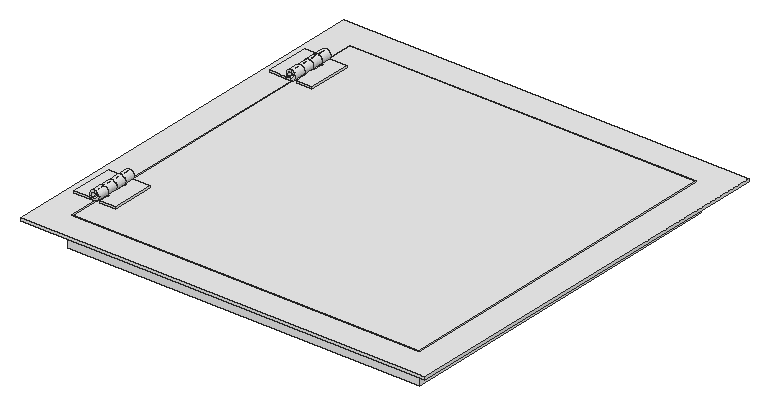
Revit family "Access_Door-High_Security-Cendrex-All_Surface_Types-PHS", category Specialty Equipment, host Face, Revit 2013
Parameters (values of type "24 x 24")
  Width Actual = Door Width Calc + 4"  # 28"
  URL = "http://www.cendrex.com"
  Product Page URL = "http://cendrex.com/index.php/en/security/phs"
  Product Documentation Link = "http://cendrex.com/images/stories/TECH_DATA_SHEET_2014/phs_cendrex_technical_data_sheet.pdf"
  Model = "PHS"  # constant formula
  Material = ""
  Manufacturer = "Cendrex"  # constant formula
  Height Actual = Door Height Calc + 4"  # 28"
  Frame Depth = 1 13/16"  # constant formula
  Finish = Metal - Cendrex - Powder Coated White
  Door Width Calc = if(Door Width < 12", 12", if(Door Width > 36", 36", Door Width))  # 24"
  Door Width = 24"
  Door Swing [instance] = if(Door Open, 90.00°, 0.00°)  # 0.00°
  Door Open [instance] = no
  Door Height Calc = if(Door Height < 12", 12", if(Door Height > 36", 36", Door Height))  # 24"
  Door Height = 24"
  Description = "High security access door for all surface types"  # constant formula
  Default Elevation = 0"
  Cut Out Length [instance] = 3"
  Construction Material = Metal - Cendrex - Aluminum
  Cendrex LEED Ready Program = "http://www.cendrex.com/index.php/en/leed"
  C Cut Out Length [instance] = if(Cut Out Length < Frame Depth, Frame Depth, Cut Out Length)  # 3"
  Available Options = "http://cendrex.com/index.php/en/options"
  Assembly Code = "C1020700"
Types (8): name | Width Actual | Height Actual | Door Width Calc | Door Width | Door Height Calc | Door Height
  Custom | 28" | 28" | 24" | 24" | 24" | 24"
  12 x 12 | 16" | 16" | 12" | 12" | 12" | 12"
  16 x 16 | 20" | 20" | 16" | 16" | 16" | 16"
  18 x 18 | 22" | 22" | 18" | 18" | 18" | 18"
  24 x 24 | 28" | 28" | 24" | 24" | 24" | 24"
  24 x 30 | 28" | 34" | 24" | 24" | 30" | 30"
  24 x 36 | 28" | 40" | 24" | 24" | 36" | 36"
  36 x 36 | 40" | 40" | 36" | 36" | 36" | 36"
Reference planes (in)
  plane 1 "Center (Front/Back)": y = 0
  plane 2: z = 0
  plane 3 "Center (Left/Right)": x = 0.60877
  plane 4: z = -3
  plane 5: x = -11.39123
  plane 6: y = 12
  plane 7: x = 12.60877
  plane 8: y = -12
  plane 9: z = -1.8125
  plane 10: z = 0.51234
  plane 11: x = -11.44222
Forms (in)
  Extrusion 1, void
    sketch origin (0, 0, 0) x (1, 0, 0) y (0, 1, 0)
      loop
        line (-11.39123, 12) -> (-11.39123, -12) -> (12.60877, -12) -> (12.60877, 12) -> (-11.39123, 12)
    from 0 to -3
Lines and regions (in)
  reference lines
    curve 1: line (-11.44222, 0, 0.51234) -> (-11.41037, 0, 0.51234)
    curve 2: line (-11.44222, 0, 0.51234) -> (-11.44222, 0, 0.47908)
Dimensions and locks (in)
  "C Cut Out Length": plane 2 to plane 4
  equal spacing: plane 5, plane 3 "Center (Left/Right)", plane 7
  "Door Width Calc": plane 5 to plane 7
  equal spacing: plane 8, plane 1 "Center (Front/Back)", plane 6
  "Door Height Calc": plane 8 to plane 6
  "Frame Depth": level to plane 9
  locked: plane 10 to level at 0.51234
  locked: plane 5 to plane 11 at 0.05099
  "Door Swing": angle plane 10 to curve 1
  locked: curve 2 to curve 1 (angle 90.00°)
  aligned and locked: plane 2 to host face
  aligned and locked: level to host face
  aligned and locked: Extrusion 1 sketch curve to plane 6
  aligned and locked: plane 7 to Extrusion 1 sketch curve
  aligned and locked: Extrusion 1 sketch curve to plane 8
  aligned and locked: plane 5 to Extrusion 1 sketch curve
  aligned and locked: plane 4 to Extrusion 1
  aligned and locked: plane 3 "Center (Left/Right)" to nested 1
  aligned and locked: plane 1 "Center (Front/Back)" to nested 1
  aligned and locked: nested 2 to curve 1
Automatic sketch dimensions
  host sketch curve to host sketch curve = 96"  (x2)
  curve 2 to plane 10 = 0"
  plane 11 to curve 2 = 0"
Nested families (in)
  nested 1: "1-Frame_Base" at (0.60877, 0, 0), type "1-Frame_Base"
  nested 2: "1-Door_Base" at (0.38886, 0, 0.04684), type "1-Door_Base"
Definition of nested family "1-Frame_Base"
  Parameters (values of type "1-Frame_Base")
    Frame Width = 28"
    Frame Height = 28"
    Finish = Metal - Cendrex - Powder Coated White
    Assembly Code = ""
  Reference planes (in)
    plane 1 "Center (Front/Back)": y = 0
    plane 2: z = 0
    plane 3 "Center (Left/Right)": x = 0
    plane 4: x = -14
    plane 5: x = 14
    plane 6: y = 14
    plane 7: y = -14
    plane 8: x = -10.936
    plane 9: y = 10.936
    plane 10: x = 10.936
    plane 11: y = -10.936
    plane 12: y = 7
    plane 13: y = 7.75
    plane 14: y = 8.5
    plane 15: y = 9.25
    plane 16: y = 10
    plane 17: x = -13.5
    plane 18: x = -12.413
    plane 19: y = 12
    plane 20: x = -12
    plane 21: y = -10
    plane 22: y = -7
    plane 23: y = -7.75
    plane 24: y = -9.25
    plane 25: y = -8.5
    plane 26: y = -12
    plane 27: x = 12
    plane 28: z = -1.813
    plane 29: z = 0.8369
    plane 30: x = -11.72591
  Forms (in)
    Extrusion 1, solid, material "Metal - Cendrex - Powder Coated White" <- "Finish", detail levels fine
      sketch origin (0, 0, 0) x (1, 0, 0) y (0, 1, 0)
        loop
          line (-14, 14) -> (-14, -14) -> (14, -14) -> (14, 14) -> (-14, 14)
        loop
          line (12, 12) -> (-12, 12) -> (-12, -12) -> (12, -12) -> (12, 12)
      from 0 to 0.187
    Extrusion 2, solid, material "Metal - Cendrex - Powder Coated White" <- "Finish", detail levels fine
      sketch origin (0, 0, 0) x (1, 0, 0) y (0, 1, 0)
        loop
          line (-13.5, -7) -> (-13.5, -10) -> (-12.413, -10) -> (-12.413, -7) -> (-13.5, -7)
      from 0.187 to 0.31209
    Extrusion 3, solid, material "Metal - Cendrex - Powder Coated White" <- "Finish", detail levels fine
      sketch origin (0, 0, 0) x (1, 0, 0) y (0, 0, 1)
        loop
          line (-12.413, 0.31209) -> (-12.413, 0.187) -> (-12.0506, 0.187)
          arc (-12.0506, 0.187) -> (-11.90841, 0.80401) -> (-12.30708, 0.31209) r 0.32495
          line (-12.30708, 0.31209) -> (-12.413, 0.31209)
        loop
          arc (-12.05099, 0.31209) -> (-11.97446, 0.6974) -> (-12.19242, 0.37058) r 0.20025
          line (-12.19242, 0.37058) -> (-12.25091, 0.31209) -> (-12.05099, 0.31209)
      from 9.25 to 10
    Extrusion 4, solid, material "Metal - Cendrex - Powder Coated White" <- "Finish", detail levels fine
      sketch origin (0, 0, 0) x (1, 0, 0) y (0, 0, 1)
        loop
          line (-12.413, 0.31209) -> (-12.413, 0.187) -> (-12.0506, 0.187)
          arc (-12.0506, 0.187) -> (-11.90841, 0.80401) -> (-12.30708, 0.31209) r 0.32495
          line (-12.30708, 0.31209) -> (-12.413, 0.31209)
        loop
          arc (-12.05099, 0.31209) -> (-11.97446, 0.6974) -> (-12.19242, 0.37058) r 0.20025
          line (-12.19242, 0.37058) -> (-12.25091, 0.31209) -> (-12.05099, 0.31209)
      from 7.75 to 8.5
    Extrusion 5, solid, material "Metal - Cendrex - Powder Coated White" <- "Finish", detail levels fine
      sketch origin (0, 0, 0) x (1, 0, 0) y (0, 1, 0)
        loop
          line (-13.5, 10) -> (-13.5, 7) -> (-12.413, 7) -> (-12.413, 10) -> (-13.5, 10)
      from 0.187 to 0.31209
    Extrusion 6, solid, material "Metal - Cendrex - Powder Coated White" <- "Finish", detail levels fine
      sketch origin (0, 0, 0) x (1, 0, 0) y (0, 0, 1)
        loop
          line (-12.413, 0.31209) -> (-12.413, 0.187) -> (-12.0506, 0.187)
          arc (-12.0506, 0.187) -> (-11.90841, 0.80401) -> (-12.30708, 0.31209) r 0.32495
          line (-12.30708, 0.31209) -> (-12.413, 0.31209)
        loop
          arc (-12.05099, 0.31209) -> (-11.97446, 0.6974) -> (-12.19242, 0.37058) r 0.20025
          line (-12.19242, 0.37058) -> (-12.25091, 0.31209) -> (-12.05099, 0.31209)
      from -7.75 to -7
    Extrusion 7, solid, material "Metal - Cendrex - Powder Coated White" <- "Finish", detail levels fine
      sketch origin (0, 0, 0) x (1, 0, 0) y (0, 0, 1)
        loop
          line (-12.413, 0.31209) -> (-12.413, 0.187) -> (-12.0506, 0.187)
          arc (-12.0506, 0.187) -> (-11.90841, 0.80401) -> (-12.30708, 0.31209) r 0.32495
          line (-12.30708, 0.31209) -> (-12.413, 0.31209)
        loop
          arc (-12.05099, 0.31209) -> (-11.97446, 0.6974) -> (-12.19242, 0.37058) r 0.20025
          line (-12.19242, 0.37058) -> (-12.25091, 0.31209) -> (-12.05099, 0.31209)
      from -9.25 to -8.5
    Extrusion 8, solid, material "Metal - Cendrex - Powder Coated White" <- "Finish", detail levels fine
      sketch origin (0, 0, 0) x (1, 0, 0) y (0, 0, 1)
        loop
          line (-11.87499, -0.954) -> (-11.87499, -0.08733) -> (-11.00036, -0.08733) -> (-11.00036, 0.04595) -> (-11.86699, 0.04595)
          arc (-11.86699, 0.04595) -> (-11.96104, 0.00699) -> (-12, -0.08707) r 0.13301
          line (-12, -0.08707) -> (-12, -0.954) -> (-11.87499, -0.954)
      from -12 to 10.936
    Extrusion 9, solid, material "Metal - Cendrex - Powder Coated White" <- "Finish", detail levels fine
      sketch origin (0, 0, 0) x (-1, 0, 0) y (0, 0, -1)
        loop
          line (-11.87499, 0.954) -> (-12, 0.954) -> (-12, 0.08707)
          arc (-12, 0.08707) -> (-11.96104, -0.00699) -> (-11.86699, -0.04595) r 0.13301
          line (-11.86699, -0.04595) -> (-11.00036, -0.04595) -> (-11.00036, 0.08733) -> (-11.87499, 0.08733) -> (-11.87499, 0.954)
      from -10.936 to 12
    Extrusion 10, solid, material "Metal - Cendrex - Powder Coated White" <- "Finish", detail levels fine
      sketch origin (-0.21882, 0, 0) x (0, -1, 0) y (0, 0, -1)
        loop
          line (-11.87499, 0.954) -> (-12, 0.954) -> (-12, 0.08707)
          arc (-12, 0.08707) -> (-11.96104, -0.00699) -> (-11.86699, -0.04595) r 0.13301
          line (-11.86699, -0.04595) -> (-11.00036, -0.04595) -> (-11.00036, 0.08733) -> (-11.87499, 0.08733) -> (-11.87499, 0.954)
      from -10.71718 to 12.21882
    Extrusion 11, solid, material "Metal - Cendrex - Powder Coated White" <- "Finish", detail levels fine
      sketch origin (-0.21882, 0, 0) x (0, 1, 0) y (0, 0, 1)
        loop
          line (-11.87499, -0.954) -> (-11.87499, -0.08733) -> (-11.00036, -0.08733) -> (-11.00036, 0.04595) -> (-11.86699, 0.04595)
          arc (-11.86699, 0.04595) -> (-11.96104, 0.00699) -> (-12, -0.08707) r 0.13301
          line (-12, -0.08707) -> (-12, -0.954) -> (-11.87499, -0.954)
      from -11.78118 to 11.15482
    Extrusion 12, solid, material "Metal - Cendrex - Powder Coated White" <- "Finish", detail levels fine
      sketch origin (0, 0, 0) x (1, 0, 0) y (0, 1, 0)
        loop
          line (-12.187, -12.187) -> (12.187, -12.187) -> (12.187, 12.187) -> (-12.187, 12.187) -> (-12.187, -12.187)
        loop
          line (12, 12) -> (-12, 12) -> (-12, -12) -> (12, -12) -> (12, 12)
      from -1.813 to 0
    Extrusion 13, solid, material "Metal - Cendrex - Powder Coated White" <- "Finish", detail levels coarse+medium
      sketch origin (0, 0, 0) x (1, 0, 0) y (0, 1, 0)
        loop
          line (-14, 14) -> (-14, -14) -> (14, -14) -> (14, 14) -> (-14, 14)
      from -1.813 to 0.8369
  Cuts and joins
    joined: Extrusion 1, Extrusion 2, Extrusion 5, Extrusion 8, Extrusion 11, Extrusion 12
  Lines and regions (in)
    Masking region 1, detail levels coarse
      outline origin (0, 0, 0) x (1, 0, 0) y (0, 1, 0)
        loop
          line (14, 14) -> (-14, 14) -> (-14, -14) -> (14, -14) -> (14, 14)
    Masking region 2, detail levels coarse
      outline origin (0, 0, 0) x (1, 0, 0) y (0, 0, 1)
        loop
          line (14, 0.8369) -> (-14, 0.8369) -> (-14, -1.813) -> (14, -1.813) -> (14, 0.8369)
    Masking region 3, detail levels medium+fine
      outline origin (0, 0, 0) x (1, 0, 0) y (0, 0, 1)
        loop
          line (-12.187, -1.813) -> (12.187, -1.813) -> (12.187, 0) -> (14, 0) -> (14, 0.187) -> (-12.05086, 0.187)
          arc (-12.05086, 0.187) -> (-11.90829, 0.80395) -> (-12.30708, 0.31209) r 0.32495
          line (-12.30708, 0.31209) -> (-12.413, 0.31209) -> (-13.5, 0.31209) -> (-13.5, 0.187) -> (-14, 0.187) -> (-14, 0) -> (-12.187, 0) -> (-12.187, -1.813)
    Masking region 4, detail levels coarse
      outline origin (0, 0, 0) x (0, 1, 0) y (0, 0, 1)
        loop
          line (14, 0.8369) -> (-14, 0.8369) -> (-14, -1.813) -> (14, -1.813) -> (14, 0.8369)
    Masking region 5, detail levels medium+fine
      outline origin (0, 0, 0) x (0, 1, 0) y (0, 0, 1)
        loop
          line (-12.187, -1.813) -> (12.187, -1.813) -> (12.187, 0) -> (14, 0) -> (14, 0.187) -> (10, 0.187) -> (10, 0.31209) -> (9.25, 0.31209) -> (9.25, 0.8369) -> (8.5, 0.8369) -> (8.5, 0.31209) -> (7.75, 0.31209) -> (7.75, 0.8369) -> (7, 0.8369) -> (7, 0.187) -> (-7, 0.187) -> (-7, 0.31209) -> (-7.75, 0.31209) -> (-7.75, 0.8369) -> (-8.5, 0.8369) -> (-8.5, 0.31209) -> (-9.25, 0.31209) -> (-9.25, 0.8369) -> (-10, 0.8369) -> (-10, 0.187) -> (-14, 0.187) -> (-14, 0) -> (-12.187, 0) -> (-12.187, -1.813)
    Masking region 6, detail levels medium+fine
      outline origin (0, 0, 0) x (1, 0, 0) y (0, 1, 0)
        loop
          line (14, 14) -> (-14, 14) -> (-14, -14) -> (14, -14) -> (14, 14)
        loop
          line (-12, -7) -> (-12.413, -7) -> (-12.413, -7.75) -> (-11.72591, -7.75) -> (-11.72591, -8.5) -> (-12.413, -8.5) -> (-12.413, -9.25) -> (-11.72591, -9.25) -> (-11.72591, -10) -> (-12, -10) -> (-12, -12) -> (12, -12) -> (12, 12) -> (-12, 12) -> (-12, 10) -> (-12.413, 10) -> (-12.413, 9.25) -> (-11.72591, 9.25) -> (-11.72591, 8.5) -> (-12.413, 8.5) -> (-12.413, 7.75) -> (-11.72591, 7.75) -> (-11.72591, 7) -> (-12, 7) -> (-12, -7)
    symbolic lines, detail levels medium+fine
      curve 1: line (-14, 0, 0) -> (14, 0, 0)
      curve 2: arc (-12.19242, 0, 0.37058) -> (-11.97446, 0, 0.6974) -> (-12.05099, 0, 0.31209) r 0.20025
      curve 3: line (-12.05099, 0, 0.31209) -> (-12.25091, 0, 0.31209)
      curve 4: line (-12.25091, 0, 0.31209) -> (-12.19242, 0, 0.37058)
      curve 5: line (14, 0, 0.187) -> (-14, 0, 0.187)
    symbolic lines, detail levels fine
      curve 6: line (0, -14, 0) -> (0, 14, 0)
      curve 7: line (0, 10, 0.31209) -> (0, 7, 0.31209)
      curve 8: line (0, 14, 0.187) -> (0, -14, 0.187)
      curve 9: line (0, 8.5, 0.37058) -> (0, 9.25, 0.37058)
      curve 10: line (0, 7, 0.37058) -> (0, 7.75, 0.37058)
      curve 11: line (0, -7, 0.31209) -> (0, -10, 0.31209)
      curve 12: line (0, -8.5, 0.37058) -> (0, -7.75, 0.37058)
      curve 13: line (0, -10, 0.37058) -> (0, -9.25, 0.37058)
      curve 24: line (-12.413, -7, 0) -> (-13.5, -7, 0)
      curve 25: line (-13.5, -7, 0) -> (-13.5, -10, 0)
      curve 26: line (-13.5, -10, 0) -> (-11.72591, -10, 0)
      curve 27: line (-11.72591, -10, 0) -> (-11.72591, -9.25, 0)
      curve 28: line (-11.72591, -9.25, 0) -> (-12.413, -9.25, 0)
      curve 29: line (-12.413, -9.25, 0) -> (-12.413, -8.5, 0)
      curve 30: line (-12.413, -8.5, 0) -> (-11.72591, -8.5, 0)
      curve 31: line (-11.72591, -8.5, 0) -> (-11.72591, -7.75, 0)
      curve 32: line (-11.72591, -7.75, 0) -> (-12.413, -7.75, 0)
      curve 33: line (-12.413, -7.75, 0) -> (-12.413, -7, 0)
    symbolic lines
      curve 14: line (-11.72591, 9.25, 0) -> (-12.413, 9.25, 0)
      curve 15: line (-12.413, 9.25, 0) -> (-12.413, 10, 0)
      curve 16: line (-12.413, 10, 0) -> (-13.5, 10, 0)
      curve 17: line (-13.5, 10, 0) -> (-13.5, 7, 0)
      curve 18: line (-13.5, 7, 0) -> (-11.72591, 7, 0)
      curve 19: line (-11.72591, 7, 0) -> (-11.72591, 7.75, 0)
      curve 20: line (-11.72591, 7.75, 0) -> (-12.413, 7.75, 0)
      curve 21: line (-12.413, 7.75, 0) -> (-12.413, 8.5, 0)
      curve 22: line (-12.413, 8.5, 0) -> (-11.72591, 8.5, 0)
      curve 23: line (-11.72591, 8.5, 0) -> (-11.72591, 9.25, 0)
  Dimensions and locks (in)
    equal spacing: plane 4, plane 3 "Center (Left/Right)", plane 5
    equal spacing: plane 6, plane 1 "Center (Front/Back)", plane 7
    "Frame Height": plane 6 to plane 7
    "Frame Width": plane 4 to plane 5
    locked: plane 7 to plane 11 at 3.064
    locked: plane 10 to plane 5 at 3.064
    locked: plane 6 to plane 9 at 3.064
    locked: plane 4 to plane 8 at 3.064
    plane 12 to plane 13 to plane 14 to plane 15 to plane 16 to plane 6 = 3/4" locked, 3/4" locked, 3/4" locked, 3/4" locked, 4" locked
    locked: plane 19 to plane 6 at 2
    locked: plane 4 to plane 20 at 2
    plane 7 to plane 21 to plane 24 to plane 25 to plane 23 to plane 22 = 4" locked, 3/4" locked, 3/4" locked, 3/4" locked, 3/4" locked
    plane 4 to plane 17 to plane 18 = 1/2" locked, 1.087" locked
    locked: plane 26 to plane 7 at 2
    locked: plane 27 to plane 5 at 2
    locked: plane 4 to plane 30 at 2.27409
    aligned and locked: level to plane 2
    aligned and locked: Extrusion 1 sketch curve to plane 6
    aligned and locked: plane 5 to Extrusion 1 sketch curve
    aligned and locked: plane 7 to Extrusion 1 sketch curve
    aligned and locked: plane 4 to Extrusion 1 sketch curve
    aligned and locked: Extrusion 3 to Extrusion 2
    aligned and locked: Extrusion 4 to Extrusion 2
    aligned and locked: Extrusion 6 to cut or joined group of Extrusion 1, Extrusion 2, Extrusion 5, Extrusion 8, Extrusion 11, Extrusion 12
    aligned and locked: Extrusion 7 to cut or joined group of Extrusion 1, Extrusion 2, Extrusion 5, Extrusion 8, Extrusion 11, Extrusion 12
    aligned and locked: cut or joined group of Extrusion 1, Extrusion 2, Extrusion 5, Extrusion 8, Extrusion 11, Extrusion 12 to plane 16
    aligned and locked: plane 17 to cut or joined group of Extrusion 1, Extrusion 2, Extrusion 5, Extrusion 8, Extrusion 11, Extrusion 12  (x2)
    aligned and locked: plane 12 to cut or joined group of Extrusion 1, Extrusion 2, Extrusion 5, Extrusion 8, Extrusion 11, Extrusion 12
    aligned and locked: plane 12 to Extrusion 6
    aligned and locked: Extrusion 6 to plane 13
    aligned and locked: plane 14 to Extrusion 7
    aligned and locked: Extrusion 7 to plane 15
    aligned and locked: cut or joined group of Extrusion 1, Extrusion 2, Extrusion 5, Extrusion 8, Extrusion 11, Extrusion 12 to plane 18
    aligned and locked: cut or joined group of Extrusion 1, Extrusion 2, Extrusion 5, Extrusion 8, Extrusion 11, Extrusion 12 to plane 19
    aligned and locked: plane 11 to cut or joined group of Extrusion 1, Extrusion 2, Extrusion 5, Extrusion 8, Extrusion 11, Extrusion 12
    aligned and locked: cut or joined group of Extrusion 1, Extrusion 2, Extrusion 5, Extrusion 8, Extrusion 11, Extrusion 12 to plane 20
    aligned and locked: cut or joined group of Extrusion 1, Extrusion 2, Extrusion 5, Extrusion 8, Extrusion 11, Extrusion 12 to plane 22
    aligned and locked: plane 21 to cut or joined group of Extrusion 1, Extrusion 2, Extrusion 5, Extrusion 8, Extrusion 11, Extrusion 12
    aligned and locked: plane 21 to Extrusion 3
    aligned and locked: Extrusion 3 to plane 24
    aligned and locked: plane 25 to Extrusion 4
    aligned and locked: Extrusion 4 to plane 23
    aligned and locked: plane 10 to cut or joined group of Extrusion 1, Extrusion 2, Extrusion 5, Extrusion 8, Extrusion 11, Extrusion 12
    aligned and locked: Extrusion 9 to plane 26
    aligned and locked: plane 9 to Extrusion 9
    aligned and locked: Extrusion 10 to plane 27
    aligned and locked: plane 8 to Extrusion 10
    aligned and locked: Extrusion 13 sketch curve to plane 6
    aligned and locked: plane 5 to Extrusion 13 sketch curve
    aligned and locked: plane 7 to Extrusion 13 sketch curve
    aligned and locked: plane 4 to Extrusion 13 sketch curve
    aligned and locked: Extrusion 13 to plane 29
    aligned and locked: plane 28 to Extrusion 13
    aligned and locked: Masking region 1 sketch curve to cut or joined group of Extrusion 1, Extrusion 2, Extrusion 5, Extrusion 8, Extrusion 11, Extrusion 12  (x4)
    aligned and locked: Masking region 2 sketch curve to Extrusion 13  (x4)
    aligned and locked: Masking region 3 sketch curve to cut or joined group of Extrusion 1, Extrusion 2, Extrusion 5, Extrusion 8, Extrusion 11, Extrusion 12  (x9)
    aligned and locked: Masking region 3 sketch curve to Extrusion 3  (x2)
    aligned and locked: curve 1 to cut or joined group of Extrusion 1, Extrusion 2, Extrusion 5, Extrusion 8, Extrusion 11, Extrusion 12
    aligned and locked: curve 2 to Extrusion 3
    aligned and locked: curve 4 to Extrusion 3
    aligned and locked: curve 5 to cut or joined group of Extrusion 1, Extrusion 2, Extrusion 5, Extrusion 8, Extrusion 11, Extrusion 12
    aligned and locked: Masking region 4 sketch curve to Extrusion 13  (x4)
    aligned and locked: Masking region 5 sketch curve to cut or joined group of Extrusion 1, Extrusion 2, Extrusion 5, Extrusion 8, Extrusion 11, Extrusion 12  (x11)
    aligned and locked: Extrusion 7 to Masking region 5 sketch curve
    aligned and locked: Masking region 5 sketch curve to Extrusion 7
    aligned and locked: Extrusion 6 to Masking region 5 sketch curve
    aligned and locked: Masking region 5 sketch curve to Extrusion 6
    aligned and locked: Extrusion 4 to Masking region 5 sketch curve
    aligned and locked: Masking region 5 sketch curve to Extrusion 4
    aligned and locked: Extrusion 3 to Masking region 5 sketch curve
    aligned and locked: Masking region 5 sketch curve to Extrusion 3
    aligned and locked: curve 6 to cut or joined group of Extrusion 1, Extrusion 2, Extrusion 5, Extrusion 8, Extrusion 11, Extrusion 12
    aligned and locked: curve 7 to cut or joined group of Extrusion 1, Extrusion 2, Extrusion 5, Extrusion 8, Extrusion 11, Extrusion 12
    aligned and locked: curve 8 to cut or joined group of Extrusion 1, Extrusion 2, Extrusion 5, Extrusion 8, Extrusion 11, Extrusion 12
    aligned and locked: curve 9 to Extrusion 7
    aligned and locked: curve 10 to Extrusion 6
    aligned and locked: curve 11 to cut or joined group of Extrusion 1, Extrusion 2, Extrusion 5, Extrusion 8, Extrusion 11, Extrusion 12
    aligned and locked: curve 12 to Extrusion 4
    aligned and locked: curve 13 to Extrusion 3
    aligned and locked: Masking region 6 sketch curve to Extrusion 13  (x4)
    aligned and locked: curve 16 to plane 16
    aligned and locked: plane 17 to curve 17
    aligned and locked: plane 12 to curve 18
    aligned and locked: curve 20 to plane 13
    aligned and locked: curve 21 to plane 18
    aligned and locked: plane 14 to curve 22
    aligned and locked: curve 14 to plane 15
    aligned and locked: curve 15 to plane 18
    aligned and locked: curve 23 to plane 30
    aligned and locked: curve 19 to plane 30
    aligned and locked: curve 24 to cut or joined group of Extrusion 1, Extrusion 2, Extrusion 5, Extrusion 8, Extrusion 11, Extrusion 12
    aligned and locked: curve 25 to cut or joined group of Extrusion 1, Extrusion 2, Extrusion 5, Extrusion 8, Extrusion 11, Extrusion 12
    aligned and locked: curve 26 to cut or joined group of Extrusion 1, Extrusion 2, Extrusion 5, Extrusion 8, Extrusion 11, Extrusion 12
    aligned and locked: curve 28 to plane 24
    aligned and locked: curve 29 to plane 18
    aligned and locked: plane 25 to curve 30
    aligned and locked: curve 32 to plane 23
    aligned and locked: curve 33 to plane 18
    aligned and locked: Masking region 6 sketch curve to curve 27
    aligned and locked: Masking region 6 sketch curve to curve 28
    aligned and locked: Masking region 6 sketch curve to curve 29
    aligned and locked: Masking region 6 sketch curve to curve 30
    aligned and locked: Masking region 6 sketch curve to curve 31
    aligned and locked: Masking region 6 sketch curve to curve 32
    aligned and locked: Masking region 6 sketch curve to curve 33
  Automatic sketch dimensions
    plane 4 to Extrusion 1 sketch curve = 2"
    plane 5 to Extrusion 1 sketch curve = 2"  (x2)
    plane 7 to Extrusion 1 sketch curve = 2"
    Extrusion 1 sketch curve to plane 6 = 2"  (x2)
    plane 4 to Extrusion 2 sketch curve = 1/2"
    Extrusion 2 sketch curve to Extrusion 2 sketch curve = 1.087"
    plane 7 to Extrusion 2 sketch curve = 4"
    Extrusion 2 sketch curve to Extrusion 2 sketch curve = 3"
    level to Extrusion 3 sketch curve = 0.31209"
    plane 4 to Extrusion 3 sketch curve = 1.587"
    Extrusion 3 sketch curve to Extrusion 3 sketch curve = 0.10592"
    Extrusion 3 sketch curve to Extrusion 3 sketch curve = 0.05617"
    level to Extrusion 3 sketch curve = 0.37058"
    Extrusion 3 sketch curve to Extrusion 3 sketch curve = 0.05849"
    Extrusion 3 sketch curve to Extrusion 3 sketch curve = 0.14143"
    Extrusion 3 sketch curve to Extrusion 3 sketch curve = 0.00013"
    Extrusion 3 sketch curve to Extrusion 3 sketch curve = 0.00039"
    Extrusion 3 sketch curve to Extrusion 3 sketch curve = 0.12509"
    Extrusion 3 sketch curve to Extrusion 3 sketch curve = 0"
    level to Extrusion 4 sketch curve = 0.31209"
    plane 4 to Extrusion 4 sketch curve = 1.587"
    Extrusion 4 sketch curve to Extrusion 4 sketch curve = 0.10592"
    Extrusion 4 sketch curve to Extrusion 4 sketch curve = 0.05617"
    level to Extrusion 4 sketch curve = 0.37058"
    Extrusion 4 sketch curve to Extrusion 4 sketch curve = 0.05849"
    Extrusion 4 sketch curve to Extrusion 4 sketch curve = 0.14143"
    Extrusion 4 sketch curve to Extrusion 4 sketch curve = 0.00013"
    Extrusion 4 sketch curve to Extrusion 4 sketch curve = 0.00039"
    Extrusion 4 sketch curve to Extrusion 4 sketch curve = 0.12509"
    Extrusion 4 sketch curve to Extrusion 4 sketch curve = 0"
    plane 4 to Extrusion 5 sketch curve = 1/2"
    Extrusion 5 sketch curve to Extrusion 5 sketch curve = 1.087"
    Extrusion 5 sketch curve to plane 1 "Center (Front/Back)" = 7"
    Extrusion 5 sketch curve to Extrusion 5 sketch curve = 3"
    level to Extrusion 6 sketch curve = 0.31209"
    plane 4 to Extrusion 6 sketch curve = 1.587"
    Extrusion 6 sketch curve to Extrusion 6 sketch curve = 0.10592"
    Extrusion 6 sketch curve to Extrusion 6 sketch curve = 0.05617"
    level to Extrusion 6 sketch curve = 0.37058"
    Extrusion 6 sketch curve to Extrusion 6 sketch curve = 0.05849"
    Extrusion 6 sketch curve to Extrusion 6 sketch curve = 0.14143"
    Extrusion 6 sketch curve to Extrusion 6 sketch curve = 0.00013"
    Extrusion 6 sketch curve to Extrusion 6 sketch curve = 0.00039"
    Extrusion 6 sketch curve to Extrusion 6 sketch curve = 0.12509"
    Extrusion 6 sketch curve to Extrusion 6 sketch curve = 0"
    level to Extrusion 7 sketch curve = 0.31209"
    plane 4 to Extrusion 7 sketch curve = 1.587"
    Extrusion 7 sketch curve to Extrusion 7 sketch curve = 0.10592"
    Extrusion 7 sketch curve to Extrusion 7 sketch curve = 0.05617"
    level to Extrusion 7 sketch curve = 0.37058"
    Extrusion 7 sketch curve to Extrusion 7 sketch curve = 0.05849"
    Extrusion 7 sketch curve to Extrusion 7 sketch curve = 0.14143"
    Extrusion 7 sketch curve to Extrusion 7 sketch curve = 0.00013"
    Extrusion 7 sketch curve to Extrusion 7 sketch curve = 0.00039"
    Extrusion 7 sketch curve to Extrusion 7 sketch curve = 0.12509"
    Extrusion 7 sketch curve to Extrusion 7 sketch curve = 0"
    plane 4 to Extrusion 8 sketch curve = 2"
    Extrusion 8 sketch curve to Extrusion 8 sketch curve = 1/8"
    Extrusion 8 sketch curve to Extrusion 8 sketch curve = 0.00801"
    Extrusion 8 sketch curve to level = 0.08733"
    Extrusion 8 sketch curve to Extrusion 8 sketch curve = 0.86663"
    Extrusion 8 sketch curve to Extrusion 8 sketch curve = 0.86667"
    Extrusion 8 sketch curve to Extrusion 8 sketch curve = 0.00026"
    Extrusion 9 sketch curve to plane 5 = 2"
    Extrusion 9 sketch curve to Extrusion 9 sketch curve = 1/8"
    Extrusion 9 sketch curve to Extrusion 9 sketch curve = 0.00801"
    level to Extrusion 9 sketch curve = 0.08733"
    Extrusion 9 sketch curve to Extrusion 9 sketch curve = 0.86663"
    Extrusion 9 sketch curve to Extrusion 9 sketch curve = 0.86667"
    Extrusion 9 sketch curve to Extrusion 9 sketch curve = 0.00026"
    Extrusion 10 sketch curve to plane 6 = 2"
    Extrusion 10 sketch curve to Extrusion 10 sketch curve = 1/8"
    Extrusion 10 sketch curve to Extrusion 10 sketch curve = 0.00801"
    Extrusion 10 sketch curve to level = 0.08733"
    Extrusion 10 sketch curve to Extrusion 10 sketch curve = 0.86663"
    Extrusion 10 sketch curve to Extrusion 10 sketch curve = 0.00026"
    Extrusion 10 sketch curve to Extrusion 10 sketch curve = 0.86694"
    plane 7 to Extrusion 11 sketch curve = 2"
    Extrusion 11 sketch curve to Extrusion 11 sketch curve = 1/8"
    Extrusion 11 sketch curve to Extrusion 11 sketch curve = 0.00801"
    Extrusion 11 sketch curve to level = 0.08733"
    Extrusion 11 sketch curve to Extrusion 11 sketch curve = 0.86663"
    Extrusion 11 sketch curve to Extrusion 11 sketch curve = 0.86667"
    Extrusion 11 sketch curve to Extrusion 11 sketch curve = 0.00026"
    plane 4 to Extrusion 12 sketch curve = 1.813"
    Extrusion 12 sketch curve to Extrusion 12 sketch curve = 0.187"  (x4)
    plane 5 to Extrusion 12 sketch curve = 2"
    plane 7 to Extrusion 12 sketch curve = 1.813"
    Extrusion 12 sketch curve to plane 6 = 2"
    plane 18 to Masking region 3 sketch curve = 0"
    Masking region 3 sketch curve to plane 18 = 0.36214"
    Masking region 3 sketch curve to Masking region 3 sketch curve = 0.187"
    Masking region 3 sketch curve to level = 0"
    curve 1 to plane 4 = 0"
    plane 5 to curve 1 = 0"
    curve 5 to plane 4 = 0"
    plane 5 to curve 5 = 0"
    Masking region 5 sketch curve to level = 0"
    plane 29 to Masking region 5 sketch curve = 0"  (x4)
    level to Masking region 5 sketch curve = 0.187"
    Masking region 5 sketch curve to Masking region 5 sketch curve = 0.12509"
    level to Masking region 5 sketch curve = 0.31209"  (x2)
    curve 6 to plane 7 = 0"
    curve 6 to plane 6 = 0"
    curve 7 to plane 12 = 0"
    curve 7 to plane 16 = 0"
    curve 8 to plane 7 = 0"
    curve 8 to plane 6 = 0"
    curve 9 to plane 14 = 0"
    curve 9 to plane 15 = 0"
    curve 10 to plane 12 = 0"
    curve 10 to plane 13 = 0"
    curve 11 to plane 21 = 0"
    curve 11 to plane 22 = 0"
    curve 12 to plane 25 = 0"
    curve 12 to plane 23 = 0"
    curve 13 to plane 21 = 0"
    curve 13 to plane 24 = 0"
    curve 26 to plane 30 = 0"
    curve 30 to plane 30 = 0"
    plane 16 to curve 16 = 0"
    plane 15 to Masking region 6 sketch curve = 0"
    Masking region 6 sketch curve to plane 18 = 0"  (x2)
    plane 14 to Masking region 6 sketch curve = 0"
    plane 19 to Masking region 6 sketch curve = 0"
    Masking region 6 sketch curve to plane 20 = 0"  (x3)
    plane 12 to Masking region 6 sketch curve = 0"
    Masking region 6 sketch curve to plane 30 = 0"  (x2)
    plane 21 to Masking region 6 sketch curve = 0"
    Masking region 6 sketch curve to plane 26 = 0"
    Masking region 6 sketch curve to plane 27 = 0"
    plane 22 to Masking region 6 sketch curve = 0"
    plane 13 to Masking region 6 sketch curve = 0"
    plane 16 to Masking region 6 sketch curve = 0"
Definition of nested family "1-Door_Base"
  Parameters (values of type "1-Door_Base")
    Finish = Metal - Cendrex - Powder Coated White
    Door Width = 24"
    Door Height = 24"
    Door Depth [instance] = 1.03057"
    Assembly Code = ""
  Reference planes (in)
    plane 1 "Center (Front/Back)": y = 0
    plane 2 "Back": z = 0
    plane 3 "Center (Left/Right)": x = 0.219
    plane 4 "Top": y = 12
    plane 5 "Bottom": y = -12
    plane 6: x = -11.781
    plane 7 "Right": x = 12.219
    plane 8: z = 0.14085
    plane 9: y = 9.99975
    plane 10: y = 6.99975
    plane 11: x = -12.15543
    plane 12: y = 7.74975
    plane 13: y = 8.49975
    plane 14: y = 9.24975
    plane 15: x = -11.469
    plane 16: y = -9.99975
    plane 17: y = -6.99975
    plane 18: y = -7.74975
    plane 19: y = -8.49975
    plane 20: y = -9.24975
    plane 21: x = -10.382
    plane 22 "Left": x = -11.83108
    plane 23: z = 0.4655
    plane 24: z = 0.79016
  Forms (in)
    Extrusion 1, solid, material "Metal - Cendrex - Powder Coated White" <- "Finish", detail levels fine
      sketch origin (0, 0, 0) x (1, 0, 0) y (0, 1, 0)
        loop
          line (-11.781, 12) -> (-11.781, -12) -> (12.219, -12) -> (12.219, 12) -> (-11.781, 12)
      from 0 to 0.14085
    Extrusion 2, solid, material "Metal - Cendrex - Powder Coated White" <- "Finish", detail levels fine
      sketch origin (0, 0, 0) x (1, 0, 0) y (0, 1, 0)
        loop
          line (-10.382, -6.99975) -> (-11.469, -6.99975) -> (-11.469, -9.99975) -> (-10.382, -9.99975) -> (-10.382, -6.99975)
      from 0.14076 to 0.26577
    Extrusion 3, solid, material "Metal - Cendrex - Powder Coated White" <- "Finish", detail levels fine
      sketch origin (0, 0, 0) x (1, 0, 0) y (0, 0, 1)
        loop
          line (-11.469, 0.26577) -> (-11.57483, 0.26577)
          arc (-11.57483, 0.26577) -> (-11.97318, 0.75726) -> (-11.83077, 0.14085) r 0.32466
          line (-11.83077, 0.14085) -> (-11.469, 0.14085) -> (-11.469, 0.26577)
        loop
          line (-11.83108, 0.26577) -> (-11.63101, 0.26577) -> (-11.68958, 0.32434)
          arc (-11.68958, 0.32434) -> (-11.90765, 0.65097) -> (-11.83108, 0.26577) r 0.20021
      from 8.49975 to 9.24975
    Extrusion 4, solid, material "Metal - Cendrex - Powder Coated White" <- "Finish", detail levels fine
      sketch origin (0, 0, 0) x (1, 0, 0) y (0, 0, 1)
        loop
          line (-11.469, 0.26577) -> (-11.57483, 0.26577)
          arc (-11.57483, 0.26577) -> (-11.97318, 0.75726) -> (-11.83077, 0.14085) r 0.32466
          line (-11.83077, 0.14085) -> (-11.469, 0.14085) -> (-11.469, 0.26577)
        loop
          line (-11.83108, 0.26577) -> (-11.63101, 0.26577) -> (-11.68958, 0.32434)
          arc (-11.68958, 0.32434) -> (-11.90765, 0.65097) -> (-11.83108, 0.26577) r 0.20021
      from 6.99975 to 7.74975
    Extrusion 5, solid, material "Metal - Cendrex - Powder Coated White" <- "Finish", detail levels fine
      sketch origin (0, 0, 0) x (1, 0, 0) y (0, 1, 0)
        loop
          line (-10.382, 9.99975) -> (-11.469, 9.99975) -> (-11.469, 6.99975) -> (-10.382, 6.99975) -> (-10.382, 9.99975)
      from 0.14076 to 0.26577
    Extrusion 6, solid, material "Metal - Cendrex - Powder Coated White" <- "Finish", detail levels fine
      sketch origin (0, 0, 0) x (1, 0, 0) y (0, 0, 1)
        loop
          line (-11.469, 0.26577) -> (-11.57483, 0.26577)
          arc (-11.57483, 0.26577) -> (-11.97318, 0.75726) -> (-11.83077, 0.14085) r 0.32466
          line (-11.83077, 0.14085) -> (-11.469, 0.14085) -> (-11.469, 0.26577)
        loop
          line (-11.83108, 0.26577) -> (-11.63101, 0.26577) -> (-11.68958, 0.32434)
          arc (-11.68958, 0.32434) -> (-11.90765, 0.65097) -> (-11.83108, 0.26577) r 0.20021
      from -8.49975 to -7.74975
    Extrusion 7, solid, material "Metal - Cendrex - Powder Coated White" <- "Finish", detail levels fine
      sketch origin (0, 0, 0) x (1, 0, 0) y (0, 0, 1)
        loop
          line (-11.469, 0.26577) -> (-11.57483, 0.26577)
          arc (-11.57483, 0.26577) -> (-11.97318, 0.75726) -> (-11.83077, 0.14085) r 0.32466
          line (-11.83077, 0.14085) -> (-11.469, 0.14085) -> (-11.469, 0.26577)
        loop
          line (-11.83108, 0.26577) -> (-11.63101, 0.26577) -> (-11.68958, 0.32434)
          arc (-11.68958, 0.32434) -> (-11.90765, 0.65097) -> (-11.83108, 0.26577) r 0.20021
      from -9.99975 to -9.24975
  Cuts and joins
    joined: Extrusion 1, Extrusion 2, Extrusion 3, Extrusion 4, Extrusion 5, Extrusion 6, Extrusion 7
  Lines and regions (in)
    Masking region 1, detail levels medium+fine
      outline origin (0, 0, 0) x (1, 0, 0) y (0, 1, 0)
        loop
          line (12.219, 12) -> (-11.781, 12) -> (-11.781, 9.99975) -> (-12.15543, 9.99975) -> (-12.15543, 9.24975) -> (-11.781, 9.24975) -> (-11.781, 8.49975) -> (-12.15543, 8.49975) -> (-12.15543, 7.74975) -> (-11.781, 7.74975) -> (-11.781, -6.99975) -> (-12.15543, -6.99975) -> (-12.15543, -7.74975) -> (-11.781, -7.74975) -> (-11.781, -8.49975) -> (-12.15543, -8.49975) -> (-12.15543, -9.24975) -> (-11.781, -9.24975) -> (-11.781, -12) -> (12.219, -12) -> (12.219, 12)
    Masking region 2, detail levels coarse
      outline origin (0, 0, 0) x (1, 0, 0) y (0, 0, 1)
        loop
          line (-12.15543, 0.79016) -> (-12.15543, 0) -> (12.219, 0) -> (12.219, 0.79016) -> (-12.15543, 0.79016)
    Masking region 3, detail levels medium+fine
      outline origin (0, 0, 0) x (1, 0, 0) y (0, 0, 1)
        loop
          arc (-11.57483, 0.26577) -> (-11.97318, 0.75726) -> (-11.83077, 0.14085) r 0.32466
          line (-11.83077, 0.14085) -> (-11.781, 0.14085) -> (-11.781, 0) -> (12.219, 0) -> (12.219, 0.14085) -> (-10.382, 0.14085) -> (-10.382, 0.26577) -> (-11.57483, 0.26577)
    Masking region 4, detail levels coarse
      outline origin (0.219, 0, 0) x (0, 1, 0) y (0, 0, 1)
        loop
          line (12, 0.79016) -> (-12, 0.79016) -> (-12, 0) -> (12, 0) -> (12, 0.79016)
    Masking region 5, detail levels medium+fine
      outline origin (0.219, 0, 0) x (0, 1, 0) y (0, 0, 1)
        loop
          line (12, 0) -> (12, 0.14085) -> (9.99975, 0.14085) -> (9.99975, 0.79016) -> (9.24975, 0.79016) -> (9.24975, 0.26577) -> (8.49975, 0.26577) -> (8.49975, 0.79016) -> (7.74975, 0.79016) -> (7.74975, 0.26577) -> (6.99975, 0.26577) -> (6.99975, 0.14085) -> (-6.99975, 0.14085) -> (-6.99975, 0.79016) -> (-7.74975, 0.79016) -> (-7.74975, 0.26577) -> (-8.49975, 0.26577) -> (-8.49975, 0.79016) -> (-9.24975, 0.79016) -> (-9.24975, 0.26577) -> (-9.99975, 0.26577) -> (-9.99975, 0.14085) -> (-12, 0.14085) -> (-12, 0) -> (12, 0)
    symbolic lines, detail levels fine
      curve 1: line (-11.57483, 9.24975, 0) -> (-11.57483, 9.99975, 0)
      curve 2: line (-10.382, 9.99975, 0) -> (-12.15543, 9.99975, 0)
      curve 3: line (-10.382, 6.99975, 0) -> (-10.382, 9.99975, 0)
      curve 4: line (-11.469, 6.99975, 0) -> (-10.382, 6.99975, 0)
      curve 5: line (-11.469, 7.74975, 0) -> (-11.469, 6.99975, 0)
      curve 6: line (-12.15543, 7.74975, 0) -> (-11.469, 7.74975, 0)
      curve 7: line (-11.57483, 7.74975, 0) -> (-11.57483, 8.49975, 0)
      curve 8: line (-11.469, 8.49975, 0) -> (-12.15543, 8.49975, 0)
      curve 9: line (-11.469, 9.24975, 0) -> (-11.469, 8.49975, 0)
      curve 10: line (-12.15543, 9.24975, 0) -> (-11.469, 9.24975, 0)
      curve 11: line (-10.382, -9.99975, 0) -> (-10.382, -6.99975, 0)
      curve 12: line (-10.382, -6.99975, 0) -> (-12.15543, -6.99975, 0)
      curve 13: line (-11.469, -9.99975, 0) -> (-10.382, -9.99975, 0)
      curve 14: line (-11.469, -7.74975, 0) -> (-11.469, -8.49975, 0)
      curve 15: line (-12.15543, -9.24975, 0) -> (-11.469, -9.24975, 0)
      curve 16: line (-11.469, -8.49975, 0) -> (-12.15543, -8.49975, 0)
      curve 17: line (-12.15543, -7.74975, 0) -> (-11.469, -7.74975, 0)
      curve 18: line (-11.57483, -7.74975, 0) -> (-11.57483, -6.99975, 0)
      curve 19: line (-11.57483, -9.24975, 0) -> (-11.57483, -8.49975, 0)
      curve 20: line (-11.469, -9.24975, 0) -> (-11.469, -9.99975, 0)
      curve 21: arc (-11.83108, 0, 0.26577) -> (-11.90765, 0, 0.65097) -> (-11.68958, 0, 0.32434) r 0.20021
      curve 22: line (-11.63101, 0, 0.26577) -> (-11.83108, 0, 0.26577)
      curve 23: line (-11.68958, 0, 0.32434) -> (-11.63101, 0, 0.26577)
      curve 24: line (12.219, 0, 0.14085) -> (-11.781, 0, 0.14085)
      curve 25: line (0.219, 12, 0.14085) -> (0.219, -12, 0.14085)
      curve 26: line (-11.83108, 9.24975, 0.14085) -> (-11.83108, 9.24975, 0.79016)
      curve 27: line (-11.83108, 8.49975, 0.79016) -> (-11.83108, 8.49975, 0.14085)
      curve 28: line (-11.83108, 7.74975, 0.14085) -> (-11.83108, 7.74975, 0.79016)
      curve 29: line (12.219, 9.99975, 0.26577) -> (12.219, 6.99975, 0.26577)
      curve 30: line (12.219, -6.99975, 0.26577) -> (12.219, -9.99975, 0.26577)
      curve 31: line (-11.83108, -7.74975, 0.14085) -> (-11.83108, -7.74975, 0.79016)
      curve 32: line (-11.83108, -8.49975, 0.79016) -> (-11.83108, -8.49975, 0.14085)
      curve 33: line (-11.83108, -9.24975, 0.14085) -> (-11.83108, -9.24975, 0.79016)
  Dimensions and locks (in)
    equal spacing: plane 4 "Top", plane 1 "Center (Front/Back)", plane 5 "Bottom"
    "Door Height": plane 4 "Top" to plane 5 "Bottom"
    equal spacing: plane 6, plane 3 "Center (Left/Right)", plane 7 "Right"
    "Door Width": plane 6 to plane 7 "Right"
    plane 10 to plane 12 to plane 13 to plane 14 to plane 9 to plane 4 "Top" = 3/4" locked, 3/4" locked, 3/4" locked, 3/4" locked, 2.00025" locked
    plane 11 to plane 6 to plane 15 to plane 21 = 0.37443" locked, 0.312" locked, 1.087" locked
    plane 17 to plane 18 to plane 19 to plane 20 to plane 16 to plane 5 "Bottom" = 3/4" locked, 3/4" locked, 3/4" locked, 3/4" locked, 2.00025" locked
    aligned and locked: level to plane 2 "Back"
    aligned and locked: plane 4 "Top" to Extrusion 1 sketch curve
    aligned and locked: Extrusion 1 sketch curve to plane 7 "Right"
    aligned and locked: plane 5 "Bottom" to Extrusion 1 sketch curve
    aligned and locked: Extrusion 1 sketch curve to plane 6
    aligned and locked: plane 8 to Extrusion 1
    aligned and locked: plane 9 to cut or joined group of Extrusion 1, Extrusion 2, Extrusion 3, Extrusion 4, Extrusion 5, Extrusion 6, Extrusion 7  (x2)
    aligned and locked: cut or joined group of Extrusion 1, Extrusion 2, Extrusion 3, Extrusion 4, Extrusion 5, Extrusion 6, Extrusion 7 to plane 9  (x2)
    aligned and locked: plane 10 to cut or joined group of Extrusion 1, Extrusion 2, Extrusion 3, Extrusion 4, Extrusion 5, Extrusion 6, Extrusion 7
    aligned and locked: plane 12 to cut or joined group of Extrusion 1, Extrusion 2, Extrusion 3, Extrusion 4, Extrusion 5, Extrusion 6, Extrusion 7
    aligned and locked: cut or joined group of Extrusion 1, Extrusion 2, Extrusion 3, Extrusion 4, Extrusion 5, Extrusion 6, Extrusion 7 to plane 13
    aligned and locked: plane 14 to cut or joined group of Extrusion 1, Extrusion 2, Extrusion 3, Extrusion 4, Extrusion 5, Extrusion 6, Extrusion 7
    aligned and locked: plane 15 to cut or joined group of Extrusion 1, Extrusion 2, Extrusion 3, Extrusion 4, Extrusion 5, Extrusion 6, Extrusion 7  (x2)
    aligned and locked: cut or joined group of Extrusion 1, Extrusion 2, Extrusion 3, Extrusion 4, Extrusion 5, Extrusion 6, Extrusion 7 to plane 21  (x2)
    aligned and locked: plane 16 to cut or joined group of Extrusion 1, Extrusion 2, Extrusion 3, Extrusion 4, Extrusion 5, Extrusion 6, Extrusion 7
    aligned and locked: cut or joined group of Extrusion 1, Extrusion 2, Extrusion 3, Extrusion 4, Extrusion 5, Extrusion 6, Extrusion 7 to plane 20
    aligned and locked: plane 19 to cut or joined group of Extrusion 1, Extrusion 2, Extrusion 3, Extrusion 4, Extrusion 5, Extrusion 6, Extrusion 7
    aligned and locked: cut or joined group of Extrusion 1, Extrusion 2, Extrusion 3, Extrusion 4, Extrusion 5, Extrusion 6, Extrusion 7 to plane 18
    aligned and locked: plane 17 to cut or joined group of Extrusion 1, Extrusion 2, Extrusion 3, Extrusion 4, Extrusion 5, Extrusion 6, Extrusion 7  (x3)
    aligned and locked: cut or joined group of Extrusion 1, Extrusion 2, Extrusion 3, Extrusion 4, Extrusion 5, Extrusion 6, Extrusion 7 to plane 17  (x2)
    aligned and locked: plane 18 to cut or joined group of Extrusion 1, Extrusion 2, Extrusion 3, Extrusion 4, Extrusion 5, Extrusion 6, Extrusion 7
    aligned and locked: Masking region 1 sketch curve to cut or joined group of Extrusion 1, Extrusion 2, Extrusion 3, Extrusion 4, Extrusion 5, Extrusion 6, Extrusion 7  (x8)
    aligned and locked: cut or joined group of Extrusion 1, Extrusion 2, Extrusion 3, Extrusion 4, Extrusion 5, Extrusion 6, Extrusion 7 to Masking region 1 sketch curve  (x4)
    aligned and locked: curve 2 to cut or joined group of Extrusion 1, Extrusion 2, Extrusion 3, Extrusion 4, Extrusion 5, Extrusion 6, Extrusion 7
    aligned and locked: curve 3 to cut or joined group of Extrusion 1, Extrusion 2, Extrusion 3, Extrusion 4, Extrusion 5, Extrusion 6, Extrusion 7
    aligned and locked: curve 4 to cut or joined group of Extrusion 1, Extrusion 2, Extrusion 3, Extrusion 4, Extrusion 5, Extrusion 6, Extrusion 7
    aligned and locked: cut or joined group of Extrusion 1, Extrusion 2, Extrusion 3, Extrusion 4, Extrusion 5, Extrusion 6, Extrusion 7 to curve 5
    aligned and locked: curve 6 to cut or joined group of Extrusion 1, Extrusion 2, Extrusion 3, Extrusion 4, Extrusion 5, Extrusion 6, Extrusion 7
    aligned and locked: curve 7 to cut or joined group of Extrusion 1, Extrusion 2, Extrusion 3, Extrusion 4, Extrusion 5, Extrusion 6, Extrusion 7
    aligned and locked: curve 8 to cut or joined group of Extrusion 1, Extrusion 2, Extrusion 3, Extrusion 4, Extrusion 5, Extrusion 6, Extrusion 7
    aligned and locked: curve 9 to cut or joined group of Extrusion 1, Extrusion 2, Extrusion 3, Extrusion 4, Extrusion 5, Extrusion 6, Extrusion 7
    aligned and locked: curve 11 to cut or joined group of Extrusion 1, Extrusion 2, Extrusion 3, Extrusion 4, Extrusion 5, Extrusion 6, Extrusion 7
    aligned and locked: curve 12 to cut or joined group of Extrusion 1, Extrusion 2, Extrusion 3, Extrusion 4, Extrusion 5, Extrusion 6, Extrusion 7
    aligned and locked: curve 13 to cut or joined group of Extrusion 1, Extrusion 2, Extrusion 3, Extrusion 4, Extrusion 5, Extrusion 6, Extrusion 7
    aligned and locked: curve 14 to cut or joined group of Extrusion 1, Extrusion 2, Extrusion 3, Extrusion 4, Extrusion 5, Extrusion 6, Extrusion 7
    aligned and locked: curve 15 to cut or joined group of Extrusion 1, Extrusion 2, Extrusion 3, Extrusion 4, Extrusion 5, Extrusion 6, Extrusion 7
    aligned and locked: curve 16 to cut or joined group of Extrusion 1, Extrusion 2, Extrusion 3, Extrusion 4, Extrusion 5, Extrusion 6, Extrusion 7
    aligned and locked: curve 17 to cut or joined group of Extrusion 1, Extrusion 2, Extrusion 3, Extrusion 4, Extrusion 5, Extrusion 6, Extrusion 7
    aligned and locked: curve 18 to cut or joined group of Extrusion 1, Extrusion 2, Extrusion 3, Extrusion 4, Extrusion 5, Extrusion 6, Extrusion 7
    aligned and locked: curve 19 to cut or joined group of Extrusion 1, Extrusion 2, Extrusion 3, Extrusion 4, Extrusion 5, Extrusion 6, Extrusion 7
    aligned and locked: Masking region 2 sketch curve to plane 24
    aligned and locked: Masking region 2 sketch curve to plane 11
    aligned and locked: Masking region 2 sketch curve to cut or joined group of Extrusion 1, Extrusion 2, Extrusion 3, Extrusion 4, Extrusion 5, Extrusion 6, Extrusion 7  (x2)
    aligned and locked: Masking region 3 sketch curve to cut or joined group of Extrusion 1, Extrusion 2, Extrusion 3, Extrusion 4, Extrusion 5, Extrusion 6, Extrusion 7  (x6)
    aligned and locked: cut or joined group of Extrusion 1, Extrusion 2, Extrusion 3, Extrusion 4, Extrusion 5, Extrusion 6, Extrusion 7 to Masking region 3 sketch curve
    aligned and locked: curve 21 to cut or joined group of Extrusion 1, Extrusion 2, Extrusion 3, Extrusion 4, Extrusion 5, Extrusion 6, Extrusion 7
    aligned and locked: curve 22 to cut or joined group of Extrusion 1, Extrusion 2, Extrusion 3, Extrusion 4, Extrusion 5, Extrusion 6, Extrusion 7
    aligned and locked: curve 23 to cut or joined group of Extrusion 1, Extrusion 2, Extrusion 3, Extrusion 4, Extrusion 5, Extrusion 6, Extrusion 7
    aligned and locked: curve 24 to cut or joined group of Extrusion 1, Extrusion 2, Extrusion 3, Extrusion 4, Extrusion 5, Extrusion 6, Extrusion 7
    aligned and locked: plane 24 to Masking region 4 sketch curve
    aligned and locked: Masking region 4 sketch curve to plane 4 "Top"
    aligned and locked: Masking region 4 sketch curve to cut or joined group of Extrusion 1, Extrusion 2, Extrusion 3, Extrusion 4, Extrusion 5, Extrusion 6, Extrusion 7  (x2)
    aligned and locked: Masking region 5 sketch curve to cut or joined group of Extrusion 1, Extrusion 2, Extrusion 3, Extrusion 4, Extrusion 5, Extrusion 6, Extrusion 7  (x10)
    aligned and locked: cut or joined group of Extrusion 1, Extrusion 2, Extrusion 3, Extrusion 4, Extrusion 5, Extrusion 6, Extrusion 7 to Masking region 5 sketch curve  (x4)
    aligned and locked: plane 24 to Masking region 5 sketch curve  (x4)
    aligned and locked: curve 25 to cut or joined group of Extrusion 1, Extrusion 2, Extrusion 3, Extrusion 4, Extrusion 5, Extrusion 6, Extrusion 7
    aligned and locked: curve 26 to cut or joined group of Extrusion 1, Extrusion 2, Extrusion 3, Extrusion 4, Extrusion 5, Extrusion 6, Extrusion 7
    aligned and locked: curve 27 to cut or joined group of Extrusion 1, Extrusion 2, Extrusion 3, Extrusion 4, Extrusion 5, Extrusion 6, Extrusion 7
    aligned and locked: curve 28 to cut or joined group of Extrusion 1, Extrusion 2, Extrusion 3, Extrusion 4, Extrusion 5, Extrusion 6, Extrusion 7
    aligned and locked: curve 29 to cut or joined group of Extrusion 1, Extrusion 2, Extrusion 3, Extrusion 4, Extrusion 5, Extrusion 6, Extrusion 7
    aligned and locked: curve 30 to cut or joined group of Extrusion 1, Extrusion 2, Extrusion 3, Extrusion 4, Extrusion 5, Extrusion 6, Extrusion 7
    aligned and locked: curve 31 to cut or joined group of Extrusion 1, Extrusion 2, Extrusion 3, Extrusion 4, Extrusion 5, Extrusion 6, Extrusion 7
    aligned and locked: curve 32 to cut or joined group of Extrusion 1, Extrusion 2, Extrusion 3, Extrusion 4, Extrusion 5, Extrusion 6, Extrusion 7
    aligned and locked: curve 33 to cut or joined group of Extrusion 1, Extrusion 2, Extrusion 3, Extrusion 4, Extrusion 5, Extrusion 6, Extrusion 7
  Automatic sketch dimensions
    Extrusion 2 sketch curve to plane 6 = 0.312"
    Extrusion 2 sketch curve to Extrusion 2 sketch curve = 1.087"
    plane 5 "Bottom" to Extrusion 2 sketch curve = 2.00025"
    Extrusion 2 sketch curve to Extrusion 2 sketch curve = 3"
    Extrusion 3 sketch curve to plane 8 = 0"
    plane 6 to Extrusion 3 sketch curve = 0.05008"
    plane 6 to Extrusion 3 sketch curve = 0.04977"
    Extrusion 3 sketch curve to plane 6 = 0.09142"
    Extrusion 3 sketch curve to Extrusion 3 sketch curve = 0.05857"  (x2)
    Extrusion 3 sketch curve to Extrusion 3 sketch curve = 0.05618"
    Extrusion 3 sketch curve to Extrusion 3 sketch curve = 0.10583"
    plane 8 to Extrusion 3 sketch curve = 0.12492"
    Extrusion 3 sketch curve to Extrusion 3 sketch curve = 0"
    Extrusion 4 sketch curve to plane 8 = 0"
    plane 6 to Extrusion 4 sketch curve = 0.05008"
    plane 6 to Extrusion 4 sketch curve = 0.04977"
    Extrusion 4 sketch curve to plane 6 = 0.09142"
    Extrusion 4 sketch curve to Extrusion 4 sketch curve = 0.05857"  (x2)
    Extrusion 4 sketch curve to Extrusion 4 sketch curve = 0.05618"
    Extrusion 4 sketch curve to Extrusion 4 sketch curve = 0.10583"
    plane 8 to Extrusion 4 sketch curve = 0.12492"
    Extrusion 4 sketch curve to Extrusion 4 sketch curve = 0"
    Extrusion 5 sketch curve to plane 6 = 0.312"
    Extrusion 5 sketch curve to Extrusion 5 sketch curve = 1.087"
    plane 5 "Bottom" to Extrusion 5 sketch curve = 18.99975"
    Extrusion 5 sketch curve to Extrusion 5 sketch curve = 3"
    Extrusion 6 sketch curve to plane 8 = 0"
    plane 8 to Extrusion 6 sketch curve = 0.12492"
    plane 6 to Extrusion 6 sketch curve = 0.05008"
    Extrusion 6 sketch curve to Extrusion 6 sketch curve = 0.00031"
    plane 8 to Extrusion 6 sketch curve = 0.18349"
    Extrusion 6 sketch curve to Extrusion 6 sketch curve = 0.1415"
    Extrusion 6 sketch curve to Extrusion 6 sketch curve = 0.05857"
    Extrusion 6 sketch curve to Extrusion 6 sketch curve = 0.05618"
    Extrusion 6 sketch curve to Extrusion 6 sketch curve = 0.10583"
    Extrusion 6 sketch curve to Extrusion 6 sketch curve = 0"
    Extrusion 7 sketch curve to plane 8 = 0"
    plane 8 to Extrusion 7 sketch curve = 0.12492"
    plane 6 to Extrusion 7 sketch curve = 0.05008"
    Extrusion 7 sketch curve to Extrusion 7 sketch curve = 0.00031"
    plane 8 to Extrusion 7 sketch curve = 0.18349"
    Extrusion 7 sketch curve to Extrusion 7 sketch curve = 0.1415"
    Extrusion 7 sketch curve to Extrusion 7 sketch curve = 0.05857"
    Extrusion 7 sketch curve to Extrusion 7 sketch curve = 0.05618"
    Extrusion 7 sketch curve to Extrusion 7 sketch curve = 0.10583"
    Extrusion 7 sketch curve to Extrusion 7 sketch curve = 0"
    Masking region 1 sketch curve to plane 11 = 0"  (x4)
    Masking region 1 sketch curve to plane 6 = 0"  (x4)
    curve 16 to plane 11 = 0"
    curve 10 to plane 11 = 0"
    curve 15 to plane 11 = 0"
    curve 2 to plane 11 = 0"
    curve 6 to plane 11 = 0"
    curve 12 to plane 11 = 0"
    curve 17 to plane 11 = 0"
    curve 8 to plane 11 = 0"
    plane 14 to curve 1 = 0"
    curve 6 to plane 15 = 0"
    curve 15 to plane 15 = 0"
    plane 15 to curve 1 = 0.10583"
    plane 6 to curve 24 = 0"
    curve 24 to plane 7 "Right" = 0"
    Masking region 5 sketch curve to plane 8 = 0"  (x2)
    plane 8 to Masking region 5 sketch curve = 0.12492"  (x4)
    curve 25 to plane 5 "Bottom" = 0"
    curve 25 to plane 4 "Top" = 0"
    curve 26 to plane 24 = 0"
    curve 26 to plane 8 = 0"
    curve 27 to plane 24 = 0"
    curve 27 to plane 8 = 0"
    curve 28 to plane 24 = 0"
    curve 28 to plane 8 = 0"
    curve 29 to plane 9 = 0"
    curve 29 to plane 10 = 0"
    curve 30 to plane 17 = 0"
    curve 30 to plane 16 = 0"
    curve 31 to plane 24 = 0"
    curve 31 to plane 8 = 0"
    curve 32 to plane 24 = 0"
    curve 32 to plane 8 = 0"
    curve 33 to plane 24 = 0"
    curve 33 to plane 8 = 0"
